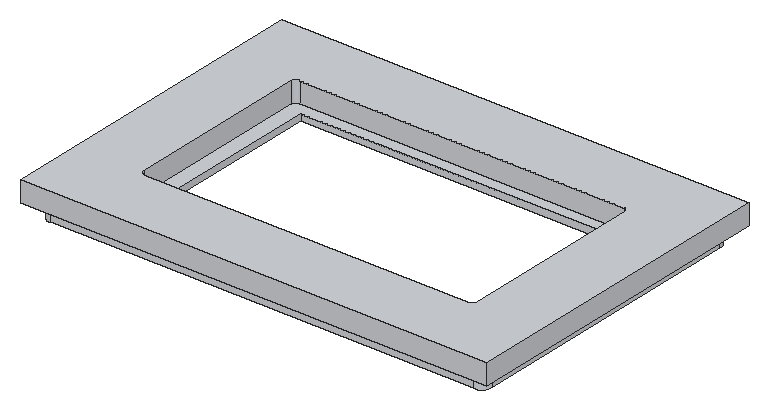
Revit family "Gira_100112", category Electrical Fixtures, host Face, Revit 2017
Family settings
  Host = Face
  Maintain Annotation Orientation = No
  Round Connector Dimension = Use Diameter
  Part Type = Normal
  Cut with Voids When Loaded = No
  Shared = No
  Room Calculation Point = No
Parameters (values of type "Cov.fr. 1.5-g Gira Esprit white gl.")
  With mounting grid = "No"
  With hinged lid = "No"
  URL = "http://katalog.gira.de/en/datenblatt.html?artikelnr=100112"
  Type of fastening = "Clamp mounting"
  Transparent = "No"
  Surface protection = "Other"
  Suitable for wall duct = "No"
  Suitable for flush-mounted installation = "Yes"
  Suitable for floor box = "No"
  Suitable for built-in installation = "No"
  Number of units vertical = "1,5"
  Number of units horizontal = "1,5"
  Number of units = "1"
  Name = "Cov.fr. 1.5-g Gira Esprit white gl."
  Mounting direction = "Horizontal and vertical"
  Material quality = "Real glass"
  Material = "Glass"
  Manufacturer URL = "https://www.gira.de/"
  Manufacturer = "Gira"
  Label space/information surface = "No"
  Keynote = ""
  HeinzeBIM = "https://bimportal.heinze.de/bim/cov-fr-1-5-g-gira-esprit-white-gl-/b57f49e48b9684983c55bb2776ed610a24c8ddf5"
  Halogen free = "Yes"
  HAN = "100112"
  GTIN = "4010337881384"
  Description = "Cov.fr.1.5g Espr. GWh,Gira Esprit cover frame,white glass,1.5-gang,"
  Degree of protection (IP) = "IP20"
  Default Elevation = 1219.2 mm
  Data sheet (1) = "https://katalog.gira.de/en/download.html?artikelnr=100112"
  Colour = "White"
  Category = "Cover frame for domestic switching devices"
  BIM (1) = "https://media.stage.bim.site/public/gira/36a6b08/Espr._Rahmen_1,5fach.rfa"
  Available = "No"
Reference planes
  plane 1 "Center (Front/Back)": y = 0
  plane 2: z = 0
  plane 3 "Center (Left/Right)": x = 0
Forms (mm)
  Extrusion 1, solid, detail levels fine
    sketch origin (0, 0, 0) x (1, 0, 0) y (0, 1, 0)
      loop
        line (-67.75, 47.5) -> (-67.75, -47.5) -> (67.75, -47.5) -> (67.75, 47.5) -> (-67.75, 47.5)
      loop
        arc (-48.5, -26.7) -> (-48.061, -27.761) -> (-47, -28.2) r 1.5
        line (-47, -28.2) -> (47, -28.2)
        arc (47, -28.2) -> (48.061, -27.761) -> (48.5, -26.7) r 1.5
        line (48.5, -26.7) -> (48.5, 26.7)
        arc (48.5, 26.7) -> (48.061, 27.761) -> (47, 28.2) r 1.5
        line (47, 28.2) -> (-47, 28.2)
        arc (-47, 28.2) -> (-48.061, 27.761) -> (-48.5, 26.7) r 1.5
        line (-48.5, 26.7) -> (-48.5, -26.7)
    from 0 to 6
  Extrusion 2, solid, detail levels fine
    sketch origin (0, 0, 0) x (1, 0, 0) y (0, 1, 0)
      loop
        arc (-61.479, 44.4) -> (-63.615, 43.515) -> (-64.5, 41.379) r 3.021
        line (-64.5, 41.379) -> (-64.5, -41.379)
        arc (-64.5, -41.379) -> (-63.615, -43.515) -> (-61.479, -44.4) r 3.021
        line (-61.479, -44.4) -> (61.479, -44.4)
        arc (61.479, -44.4) -> (63.615, -43.515) -> (64.5, -41.379) r 3.021
        line (64.5, -41.379) -> (64.5, 41.379)
        arc (64.5, 41.379) -> (63.615, 43.515) -> (61.479, 44.4) r 3.021
        line (61.479, 44.4) -> (-61.479, 44.4)
      loop
        arc (-61.4, 43.1) -> (-62.673, 42.573) -> (-63.2, 41.3) r 1.8
        line (-63.2, 41.3) -> (-63.2, -41.4)
        arc (-63.2, -41.4) -> (-62.673, -42.673) -> (-61.4, -43.2) r 1.8
        line (-61.4, -43.2) -> (61.4, -43.2)
        arc (61.4, -43.2) -> (62.673, -42.673) -> (63.2, -41.4) r 1.8
        line (63.2, -41.4) -> (63.2, 41.3)
        arc (63.2, 41.3) -> (62.673, 42.573) -> (61.4, 43.1) r 1.8
        line (61.4, 43.1) -> (-61.4, 43.1)
    from -4.1 to 0
  Extrusion 3, solid, detail levels fine
    sketch origin (0, 0, 0) x (1, 0, 0) y (0, 1, 0)
      loop
        arc (-63.2, -41.4) -> (-62.673, -42.673) -> (-61.4, -43.2) r 1.8
        line (-61.4, -43.2) -> (61.4, -43.2)
        arc (61.4, -43.2) -> (62.673, -42.673) -> (63.2, -41.4) r 1.8
        line (63.2, -41.4) -> (63.2, 41.3)
        arc (63.2, 41.3) -> (62.673, 42.573) -> (61.4, 43.1) r 1.8
        line (61.4, 43.1) -> (-61.4, 43.1)
        arc (-61.4, 43.1) -> (-62.673, 42.573) -> (-63.2, 41.3) r 1.8
        line (-63.2, 41.3) -> (-63.2, -41.4)
      loop
        line (44, -24.75) -> (44, 24.75) -> (-44, 24.75) -> (-44, -24.75) -> (44, -24.75)
    from -1.9 to 0
  Extrusion 4, solid, detail levels medium
    sketch origin (0, 0, 0) x (1, 0, 0) y (0, 1, 0)
      loop
        line (-67.75, 47.5) -> (-67.75, -47.5) -> (67.75, -47.5) -> (67.75, 47.5) -> (-67.75, 47.5)
    from 0 to 6
  Extrusion 5, solid, detail levels medium
    sketch origin (0, 0, 0) x (1, 0, 0) y (0, 1, 0)
      loop
        line (-64.5, 44.4) -> (-64.5, -44.4) -> (64.5, -44.4) -> (64.5, 44.4) -> (-64.5, 44.4)
    from -4.1 to 0
  Extrusion 6, solid, detail levels coarse
    sketch origin (0, 0, 0) x (1, 0, 0) y (0, 1, 0)
      loop
        line (-67.75, 47.5) -> (-67.75, -47.5) -> (67.75, -47.5) -> (67.75, 47.5) -> (-67.75, 47.5)
    from -4.1 to 6
Dimensions and locks
  aligned and locked: plane 2 to host face
  aligned and locked: level to host face
